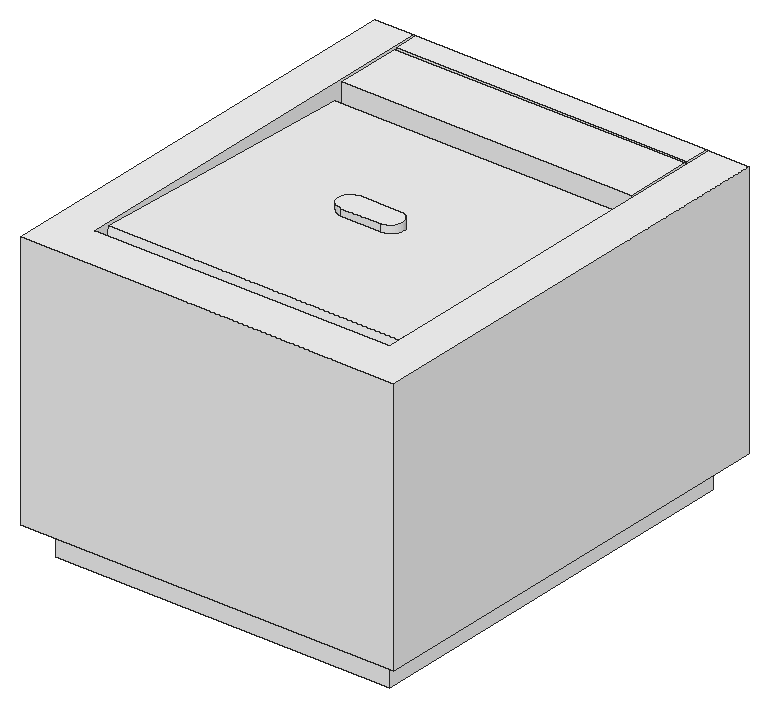
Revit family "Gira_020730", category Electrical Fixtures, host Face, Revit 2017
Family settings
  Host = Face
  Maintain Annotation Orientation = Yes
  Round Connector Dimension = Use Diameter
  Part Type = Normal
  Cut with Voids When Loaded = No
  Shared = No
  Room Calculation Point = No
Parameters (values of type "Abd. BSF + Glasscheibe WG AP Blau")
  White [instance] = White
  Werkstoffgüte = "sonstige"
  Werkstoff = "sonstige"
  Verwendung = "Schalter/Taster"
  URL = "http://katalog.gira.de/de_DE/datenblatt.html?artikelnr=020730"
  Region = "DE"
  RAL-Nummer (ähnlich) = "5015 "
  Oberfläche = "sonstige"
  Name = "Abd. BSF + Glasscheibe WG AP Blau"
  Mit austauschbarer Linse/Symbol = "Yes"
  Mit Beschriftungsfeld = "Yes"
  Manufacturer URL = "https://www.gira.de/"
  Kontrollfenster/Lichtauslass = "No"
  HeinzeBIM = "https://bimportal.heinze.de/bim/abd-bsf-glasscheibe-wg-ap-blau/2a37ca503be4864462c599e5d8a8d9e77697448f"
  Halogenfrei = "Yes"
  HAN = "020730"
  Geeignet für Schutzart (IP) = "IP20"
  Geeignet für Bussystem-Tasterankopplung = "No"
  GTIN = "4010337207306"
  Farbe = "blau"
  Default Elevation = 1219.2 mm
  Data sheet (1) = "https://katalog.gira.de/de_DE/download.html?artikelnr=020730"
  Category = "Abdeckung/Bedienelement für Installationsschalterprogramme"
  Befestigungsart = "Schraubbefestigung"
  Available = "Yes"
  Ausführung = "einteilige Wippe"
  Aufdruck/Kennzeichnung = "ohne Aufdruck"
  Abtastbares Symbol/barrierefrei = "No"
Reference planes
  plane 1 "Center (Front/Back)": y = 0
  plane 2: z = 0
  plane 3 "Center (Left/Right)": x = 0
  plane 4: x = 30
  plane 5: x = -30
  plane 6: z = 41.4
Forms (mm)
  Extrusion 1, solid, material "White" <- "White", detail levels medium+fine
    sketch origin (0, 0, 0) x (1, 0, 0) y (0, 1, 0)
      loop
        line (-34, 41) -> (-34, -41) -> (34, -41) -> (34, 41) -> (-34, 41)
    from 0 to -6.2
  Extrusion 2, solid, material "White" <- "White", detail levels medium+fine
    sketch origin (0, 0, 0) x (1, 0, 0) y (0, 1, 0)
      loop
        line (-38, 45) -> (-38, -45) -> (38, -45) -> (38, 45) -> (-38, 45)
    from 0 to 52.4
  Extrusion 3, void
    sketch origin (0, 0, 0) x (1, 0, 0) y (0, 0, 1)
      loop
        line (-30, 59.413) -> (-30, 41.4) -> (30, 41.4) -> (30, 59.413) -> (-30, 59.413)
    from 36 to -113.06
  Extrusion 4, solid, material "White" <- "White", detail levels medium
    sketch origin (225, 0, 0) x (1, 0, 0) y (0, 1, 0)
      loop
        line (-254.5, 44.5) -> (-254.5, -35.5) -> (-195.5, -35.5) -> (-195.5, 44.5) -> (-254.5, 44.5)
    from 41.4 to 52.4
  Extrusion 5, solid, material "White" <- "White", detail levels fine
    sketch origin (0, 0, 0) x (1, 0, 0) y (0, 1, 0)
      loop
        line (-29.5, 45) -> (-29.5, 40) -> (29.5, 40) -> (29.5, 45) -> (-29.5, 45)
    from 41.4 to 52.4
  Extrusion 6, solid, material "White" <- "White", detail levels fine
    sketch origin (0, 0, 0) x (1, 0, 0) y (0, 1, 0)
      loop
        line (29.5, 39.5) -> (-29.5, 39.5) -> (-29.5, 26) -> (29.5, 26) -> (29.5, 39.5)
    from 41.4 to 52.4
  Extrusion 7, solid, material "White" <- "White", detail levels fine
    sketch origin (0, 0, 0) x (1, 0, 0) y (0, 1, 0)
      loop
        arc (-4, -1) -> (-6.5, -3.5) -> (-4, -6) r 2.5
        line (-4, -6) -> (4, -6)
        arc (4, -6) -> (6.5, -3.5) -> (4, -1) r 2.5
        line (4, -1) -> (-4, -1)
    from 41.4 to 52.4
  Extrusion 8, solid, material "White" <- "White", detail levels coarse
    sketch origin (0, 0, 0) x (1, 0, 0) y (0, 1, 0)
      loop
        line (-38, 46) -> (-38, -45) -> (38, -45) -> (38, 46) -> (-38, 46)
    from -6.2 to 52.4
  Extrusion 9, solid, material "White" <- "White", detail levels medium+fine
    sketch origin (0, 0, 0) x (1, 0, 0) y (0, 0, 1)
      loop
        circle (0, 14) r 3.6
    from -46 to -45
  Extrusion 10, solid, material "White" <- "White", detail levels fine
    sketch origin (0, 0, 0) x (0, 1, 0) y (0, 0, 1)
      loop
        line (-36, 41.4) -> (26, 41.4) -> (24.38, 49.736) -> (-33.115, 52.169) -> (-36, 41.4)
    from -29.5 to 29.5
Cuts and joins
  Extrusion 3 cuts Extrusion 2
Dimensions and locks
  aligned and locked: plane 2 to host face
  aligned and locked: level to host face
  aligned and locked: plane 3 "Center (Left/Right)" to nested 1
  aligned and locked: plane 1 "Center (Front/Back)" to nested 1
Nested families
  nested 1: "Schalter" at (0, 0, 0), type "Schalter"
Connectors
  electrical at (0, 0, -6.2)
    settings: on Extrusion 1, index 1, voltage 224 V, apparent load 0 VA, apparent load phase1 0 VA, apparent load phase2 0 VA, apparent load phase3 0 VA, power factor 1, load classification "Other", number of poles 1, system type 30, power factor state 1, is connector primary yes, connector utility no, sub classification motor no, connector description ""
Definition of nested family "Schalter"
  Reference planes
    plane 1: y = 0
    plane 2: x = 0
  Lines and regions (mm)
    detail lines
      curve 1: circle (1.375, 2.778, 0) r 0.8 normal (0, 0, 1)
      curve 2: line (1.021, 2.061, 0) -> (0, 0, 0)
      curve 3: line (0, 0, 0) -> (-0.538, 0.266, 0)
  Dimensions and locks
    curve 2 to curve 2 = 2.3 mm
    curve 3 to curve 2 = 0.6 mm
    radius of curve 1 = 0.8 mm
